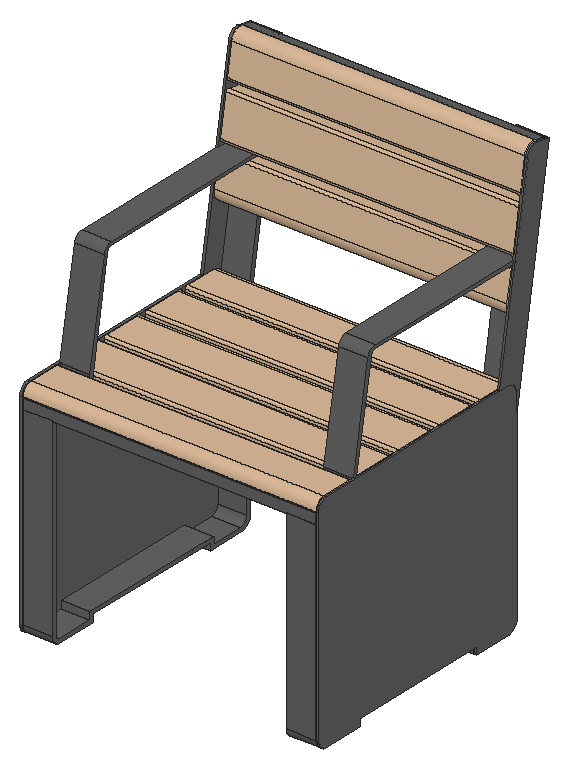
Revit family "1106-S-L", category Meble, Revit 2021
Family settings
  Numer OmniClass = 23.40.20.00
  Tytuł OmniClass = General Furniture and Specialties
  Oparty na płaszczyźnie roboczej = Nie
  Zawsze pionowo = Tak
  Tnij formami wycięć po wczytaniu = Nie
  Współdzielony = Nie
  Punkt obliczania pomieszczeń = Nie
Parameters (values of type "1106-S-L")
  wood = Mobilis Design Wood - Larch
  metal = Mobilis Design RAL 9004
  Width = "58 cm"
  Weight = "40 kg"
  URL = ""
  Seat height = "45 cm"
  Product line = "Centaurus"
  Product Groups = ""
  Manufacturer = ""
  Keynote = ""
  Description = ""
  Model = "1106-S-L"
  Material = ""
  Maintenance = ""
  Lenght = "60 cm"
  Type Comments = ""
  Mobilis Design Materials = ""
  Hosted on = ""
  Height = "86 cm"
  Domyślna rzędna = 0 mm
  Copyright = "All designs and drawings are the common intellectual property of Lars Laj A/S and Tress and are protected by Danish and international copyright laws."
Reference planes
  plane 1 "front": y = 0
  plane 2: z = 0
  plane 3 "Środek (Lewa/Prawa)": x = 0
Forms (mm)
  Extrusion 1, solid, material "Mobilis Design Wood - Larch" <- "wood"
    sketch origin (0, -344.601, 21.46) x (0, 1, 0) y (0, 0, 1)
      loop
        arc (260.118, 430.04) -> (256.583, 428.576) -> (255.118, 425.04) r 5
        line (255.118, 425.04) -> (255.118, 388.972)
        arc (255.118, 388.972) -> (255.693, 387.586) -> (257.078, 387.012) r 1.96
        line (257.078, 387.012) -> (342.493, 387.012)
        arc (342.493, 387.012) -> (343.908, 387.598) -> (344.493, 389.012) r 2
        line (344.493, 389.012) -> (344.493, 425.04)
        arc (344.493, 425.04) -> (343.029, 428.576) -> (339.493, 430.04) r 5
        line (339.493, 430.04) -> (260.118, 430.04)
    from -295.625 to 295.625
  Extrusion 2, solid, material "Mobilis Design Wood - Larch" <- "wood"
    sketch origin (0, -447.05, 21.46) x (0, 1, 0) y (0, 0, 1)
      loop
        arc (260.118, 430.04) -> (256.583, 428.576) -> (255.118, 425.04) r 5
        line (255.118, 425.04) -> (255.118, 388.972)
        arc (255.118, 388.972) -> (255.693, 387.586) -> (257.078, 387.012) r 1.96
        line (257.078, 387.012) -> (342.493, 387.012)
        arc (342.493, 387.012) -> (343.908, 387.598) -> (344.493, 389.012) r 2
        line (344.493, 389.012) -> (344.493, 425.04)
        arc (344.493, 425.04) -> (343.029, 428.576) -> (339.493, 430.04) r 5
        line (339.493, 430.04) -> (260.118, 430.04)
    from -295.625 to 295.625
  Extrusion 3, solid, material "Mobilis Design Wood - Larch" <- "wood"
    sketch origin (0, -242.05, 23.25) x (0, 1, 0) y (0, 0, 1)
      loop
        arc (260.118, 428.25) -> (256.583, 426.786) -> (255.118, 423.25) r 5
        line (255.118, 423.25) -> (255.118, 387.182)
        arc (255.118, 387.182) -> (255.693, 385.796) -> (257.078, 385.222) r 1.96
        line (257.078, 385.222) -> (342.493, 385.222)
        arc (342.493, 385.222) -> (343.908, 385.808) -> (344.493, 387.222) r 2
        line (344.493, 387.222) -> (344.493, 423.25)
        arc (344.493, 423.25) -> (343.029, 426.786) -> (339.493, 428.25) r 5
        line (339.493, 428.25) -> (260.118, 428.25)
    from -295.625 to 295.625
  Extrusion 4, solid, material "Mobilis Design Wood - Larch" <- "wood"
    sketch origin (0, 581.082, 348.398) x (0, 0.173648, 0.984808) y (0, -0.984808, 0.173648)
      loop
        arc (260.118, 429.703) -> (256.583, 428.239) -> (255.118, 424.703) r 5
        line (255.118, 424.703) -> (255.118, 388.972)
        arc (255.118, 388.972) -> (255.693, 387.586) -> (257.078, 387.012) r 1.96
        line (257.078, 387.012) -> (342.493, 387.012)
        arc (342.493, 387.012) -> (343.908, 387.598) -> (344.493, 389.012) r 2
        line (344.493, 389.012) -> (344.493, 424.703)
        arc (344.493, 424.703) -> (343.029, 428.239) -> (339.493, 429.703) r 5
        line (339.493, 429.703) -> (260.118, 429.703)
    from -295.625 to 295.625
  Extrusion 5, solid, material "Mobilis Design RAL 9004" <- "metal", not visible
    sketch origin (0, 0, 0) x (0, 1, 0) y (0, 0, 1)
      loop
        arc (71.187, 451.5) -> (57.045, 445.642) -> (51.187, 431.5) r 20
        line (51.187, 431.5) -> (51.187, 18.231)
        arc (51.187, 18.231) -> (56.527, 5.34) -> (69.418, 0) r 18.231
        line (69.418, 0) -> (153.638, 0) -> (153.638, 15) -> (448.638, 15) -> (448.638, 0) -> (527.023, 0)
        arc (527.023, 0) -> (542.307, 6.331) -> (548.638, 21.615) r 21.615
        line (548.638, 21.615) -> (548.638, 429.407)
        arc (548.638, 429.407) -> (542.168, 445.029) -> (526.545, 451.5) r 22.093
        line (526.545, 451.5) -> (71.187, 451.5)
    from 750.378 to 745
  Extrusion 6, solid, material "Mobilis Design RAL 9004" <- "metal", not visible
    sketch origin (0, 0, 0) x (0, 1, 0) y (0, 0, 1)
      loop
        line (548.638, 396.844) -> (629.375, 854.725) -> (601.836, 859.581)
        arc (601.836, 859.581) -> (585.224, 855.898) -> (576.082, 841.547) r 22.232
        line (576.082, 841.547) -> (507.306, 451.5) -> (526.545, 451.5)
        arc (526.545, 451.5) -> (542.168, 445.029) -> (548.638, 429.407) r 22.093
        line (548.638, 429.407) -> (548.638, 396.844)
    from 745 to 750.378
  Extrusion 7, solid, material "Mobilis Design RAL 9004" <- "metal"
    sketch origin (449.375, -344.57, 0) x (0, -1, 0) y (0, 0, 1)
      loop
        line (-71.187, 451.5) -> (-526.545, 451.5)
        arc (-526.545, 451.5) -> (-542.168, 445.029) -> (-548.638, 429.407) r 22.093
        line (-548.638, 429.407) -> (-548.638, 21.615)
        arc (-548.638, 21.615) -> (-542.307, 6.331) -> (-527.023, 0) r 21.615
        line (-527.023, 0) -> (-448.638, 0) -> (-448.638, 15) -> (-153.638, 15) -> (-153.638, 0) -> (-69.418, 0)
        arc (-69.418, 0) -> (-56.527, 5.34) -> (-51.187, 18.231) r 18.231
        line (-51.187, 18.231) -> (-51.187, 431.5)
        arc (-51.187, 431.5) -> (-57.045, 445.642) -> (-71.187, 451.5) r 20
    from 750.378 to 745
  Extrusion 8, solid, material "Mobilis Design RAL 9004" <- "metal"
    sketch origin (449.375, -344.57, 0) x (0, -1, 0) y (0, 0, 1)
      loop
        line (-548.638, 396.844) -> (-548.638, 429.407)
        arc (-548.638, 429.407) -> (-542.168, 445.029) -> (-526.545, 451.5) r 22.093
        line (-526.545, 451.5) -> (-507.306, 451.5) -> (-576.082, 841.547)
        arc (-576.082, 841.547) -> (-585.224, 855.898) -> (-601.836, 859.581) r 22.232
        line (-601.836, 859.581) -> (-629.375, 854.725) -> (-548.638, 396.844)
    from 745 to 750.378
  Extrusion 9, solid, material "Mobilis Design RAL 9004" <- "metal"
    sketch origin (0, -344.57, 0) x (0, 1, 0) y (0, 0, 1)
      loop
        line (548.638, 396.844) -> (629.375, 854.725) -> (621.989, 856.027) -> (543.073, 408.472) -> (51.187, 408.472) -> (51.187, 18.763)
        arc (51.187, 18.763) -> (56.683, 5.495) -> (69.95, 0) r 18.763
        line (69.95, 0) -> (153.638, 0) -> (153.638, 15) -> (448.638, 15) -> (448.638, 0) -> (525.342, 0)
        arc (525.342, 0) -> (541.815, 6.823) -> (548.638, 23.296) r 23.296
        line (548.638, 23.296) -> (548.638, 396.844)
      loop
        line (58.687, 400.262) -> (58.687, 18.763)
        arc (58.687, 18.763) -> (61.986, 10.799) -> (69.95, 7.5) r 11.263
        line (69.95, 7.5) -> (146.138, 7.5) -> (146.138, 22.5) -> (456.138, 22.5) -> (456.138, 7.5) -> (525.342, 7.5)
        arc (525.342, 7.5) -> (536.512, 12.127) -> (541.138, 23.296) r 15.796
        line (541.138, 23.296) -> (541.138, 400.262) -> (58.687, 400.262)
    from -295.625 to -235.625
  Extrusion 10, solid, material "Mobilis Design RAL 9004" <- "metal"
    sketch origin (0, -344.57, 0) x (0, 1, 0) y (0, 0, 1)
      loop
        line (578.693, 567.292) -> (629.375, 854.725) -> (621.989, 856.027) -> (571.307, 568.594) -> (578.693, 567.292)
      loop
        line (548.09, 408.472) -> (58.09, 408.472) -> (58.09, 400.262) -> (548.09, 400.262) -> (548.09, 408.472)
    from -238.345 to -298.116
  Extrusion 11, solid, material "Mobilis Design RAL 9004" <- "metal"
    sketch origin (-449.375, -344.57, 0) x (0, 1, 0) y (0, 0, 1)
      loop
        arc (71.187, 451.5) -> (57.045, 445.642) -> (51.187, 431.5) r 20
        line (51.187, 431.5) -> (51.187, 18.231)
        arc (51.187, 18.231) -> (56.527, 5.34) -> (69.418, 0) r 18.231
        line (69.418, 0) -> (153.638, 0) -> (153.638, 15) -> (448.638, 15) -> (448.638, 0) -> (527.023, 0)
        arc (527.023, 0) -> (542.307, 6.331) -> (548.638, 21.615) r 21.615
        line (548.638, 21.615) -> (548.638, 429.407)
        arc (548.638, 429.407) -> (542.168, 445.029) -> (526.545, 451.5) r 22.093
        line (526.545, 451.5) -> (71.187, 451.5)
    from 750.378 to 745
  Extrusion 12, solid, material "Mobilis Design RAL 9004" <- "metal"
    sketch origin (-449.375, -344.57, 0) x (0, 1, 0) y (0, 0, 1)
      loop
        line (548.638, 396.844) -> (629.375, 854.725) -> (601.836, 859.581)
        arc (601.836, 859.581) -> (585.224, 855.898) -> (576.082, 841.547) r 22.232
        line (576.082, 841.547) -> (507.306, 451.5) -> (526.545, 451.5)
        arc (526.545, 451.5) -> (542.168, 445.029) -> (548.638, 429.407) r 22.093
        line (548.638, 429.407) -> (548.638, 396.844)
    from 745 to 750.378
  Extrusion 13, solid, material "Mobilis Design RAL 9004" <- "metal"
    sketch origin (0, -344.57, 0) x (0, 1, 0) y (0, 0, -1)
      loop
        line (548.638, -396.844) -> (548.638, -23.296)
        arc (548.638, -23.296) -> (541.815, -6.823) -> (525.342, 0) r 23.296
        line (525.342, 0) -> (448.638, 0) -> (448.638, -15) -> (153.638, -15) -> (153.638, 0) -> (69.95, 0)
        arc (69.95, 0) -> (56.683, -5.495) -> (51.187, -18.763) r 18.763
        line (51.187, -18.763) -> (51.187, -408.472) -> (543.073, -408.472) -> (621.989, -856.027) -> (629.375, -854.725) -> (548.638, -396.844)
      loop
        line (58.687, -400.262) -> (541.138, -400.262) -> (541.138, -23.296)
        arc (541.138, -23.296) -> (536.512, -12.127) -> (525.342, -7.5) r 15.796
        line (525.342, -7.5) -> (456.138, -7.5) -> (456.138, -22.5) -> (146.138, -22.5) -> (146.138, -7.5) -> (69.95, -7.5)
        arc (69.95, -7.5) -> (61.986, -10.799) -> (58.687, -18.763) r 11.263
        line (58.687, -18.763) -> (58.687, -400.262)
    from -295.625 to -235.625
  Extrusion 14, solid, material "Mobilis Design RAL 9004" <- "metal"
    sketch origin (0, -344.57, 0) x (0, 1, 0) y (0, 0, -1)
      loop
        line (578.693, -567.292) -> (571.307, -568.594) -> (621.989, -856.027) -> (629.375, -854.725) -> (578.693, -567.292)
      loop
        line (548.09, -408.472) -> (548.09, -400.262) -> (58.09, -400.262) -> (58.09, -408.472) -> (548.09, -408.472)
    from -238.345 to -298.116
  Extrusion 15, solid, material "Mobilis Design RAL 9004" <- "metal"
    sketch origin (0, -344.57, 0) x (0, 1, 0) y (0, 0, 1)
      loop
        arc (201.286, 666.675) -> (188.672, 662.542) -> (181.888, 651.132) r 18.898
        line (181.888, 651.132) -> (145.796, 450) -> (145.796, 407) -> (151.796, 407) -> (151.888, 450) -> (187.77, 649.936)
        arc (187.77, 649.936) -> (192.655, 657.664) -> (201.286, 660.675) r 13.876
        line (201.286, 660.675) -> (590.359, 660.675) -> (591.375, 666.675) -> (201.286, 666.675)
    from 235.625 to 295.625
  Extrusion 16, solid, material "Mobilis Design RAL 9004" <- "metal"
    sketch origin (0, -344.57, 0) x (0, 1, 0) y (0, 0, -1)
      loop
        line (201.286, -666.675) -> (591.375, -666.675) -> (590.359, -660.675) -> (201.286, -660.675)
        arc (201.286, -660.675) -> (192.655, -657.664) -> (187.77, -649.936) r 13.876
        line (187.77, -649.936) -> (151.888, -450) -> (151.796, -407) -> (145.796, -407) -> (145.796, -450) -> (181.888, -651.132)
        arc (181.888, -651.132) -> (188.672, -662.542) -> (201.286, -666.675) r 18.898
    from 235.625 to 295.625
  Extrusion 17, solid, material "Mobilis Design Wood - Larch" <- "wood"
    sketch origin (0, -549.361, 21.978) x (0, 1, 0) y (0, 0, 1)
      loop
        arc (275.801, 429.522) -> (261.616, 423.646) -> (255.74, 409.461) r 20.061
        line (255.74, 409.461) -> (255.74, 407.796) -> (259.646, 407.796) -> (259.646, 390.48) -> (277.569, 390.48) -> (277.569, 386.494) -> (343.118, 386.494)
        arc (343.118, 386.494) -> (344.532, 387.079) -> (345.117, 388.493) r 1.999
        line (345.117, 388.493) -> (345.117, 424.524)
        arc (345.117, 424.524) -> (343.653, 428.058) -> (340.119, 429.522) r 4.998
        line (340.119, 429.522) -> (275.801, 429.522)
    from -295.625 to 295.625
  Extrusion 18, solid, material "Mobilis Design RAL 9004" <- "metal"
    sketch origin (0, 166.824, 1362.577) x (0, -0.983564, -0.180562) y (0, 0.180562, -0.983564)
      loop
        line (624.848, 855.34) -> (604.706, 859.038) -> (604.188, 856.211) -> (621.46, 853.027) -> (618.262, 834.892) -> (620.986, 834.39) -> (624.848, 855.34)
    from -295.625 to 295.625
  Extrusion 19, solid, material "Mobilis Design Wood - Larch" <- "wood"
    sketch origin (0, 599.008, 451.03) x (0, 0.173648, 0.984808) y (0, -0.984808, 0.173648)
      loop
        arc (260.118, 430.036) -> (256.583, 428.571) -> (255.118, 425.036) r 5
        line (255.118, 425.036) -> (255.118, 389.305)
        arc (255.118, 389.305) -> (255.693, 387.919) -> (257.078, 387.345) r 1.96
        line (257.078, 387.345) -> (340.844, 387.345) -> (341.15, 404.888) -> (343.753, 404.888)
        arc (343.753, 404.888) -> (338.433, 422.457) -> (321.714, 430.036) r 22.231
        line (321.714, 430.036) -> (260.118, 430.036)
    from -295.625 to 295.625
  Extrusion 20, solid, material "Mobilis Design RAL 9004" <- "metal"
    sketch origin (0, -344.716, 0.985) x (0, 1, 0) y (0, 0, 1)
      loop
        line (624.848, 855.34) -> (604.709, 859.052) -> (604.207, 856.208) -> (621.46, 853.027) -> (618.538, 836.456) -> (621.274, 835.952) -> (624.848, 855.34)
    from -295.625 to 295.625
  Extrusion 21, solid, material "Mobilis Design Wood - Larch" <- "wood"
    sketch origin (0, 666.87, 836.836) x (0, -0.173648, -0.984808) y (0, 0.984808, -0.173648)
      loop
        line (260.118, -430.036) -> (321.714, -430.036)
        arc (321.714, -430.036) -> (338.433, -422.457) -> (343.753, -404.888) r 22.231
        line (343.753, -404.888) -> (341.15, -404.888) -> (340.844, -387.345) -> (257.078, -387.345)
        arc (257.078, -387.345) -> (255.693, -387.919) -> (255.118, -389.305) r 1.96
        line (255.118, -389.305) -> (255.118, -425.036)
        arc (255.118, -425.036) -> (256.583, -428.571) -> (260.118, -430.036) r 5
    from -295.625 to 295.625
  Extrusion 22, solid, material "Mobilis Design RAL 9004" <- "metal"
    sketch origin (0, -66.016, 1582.513) x (0, 0.939693, -0.34202) y (0, 0.34202, 0.939693)
      loop
        line (624.848, -855.34) -> (621.274, -835.952) -> (618.538, -836.456) -> (621.46, -853.027) -> (604.207, -856.208) -> (604.709, -859.052) -> (624.848, -855.34)
    from -295.625 to 295.625
  Extrusion 23, solid, material "Mobilis Design Wood - Larch" <- "wood"
    sketch origin (0, 460.032, 21.573) x (0, -1, 0) y (0, 0, -1)
      loop
        line (275.801, -429.927) -> (340.119, -429.927)
        arc (340.119, -429.927) -> (343.653, -428.463) -> (345.117, -424.929) r 4.998
        line (345.117, -424.929) -> (345.117, -389.012)
        arc (345.117, -389.012) -> (344.532, -387.598) -> (343.118, -387.013) r 1.999
        line (343.118, -387.013) -> (277.569, -387.013) -> (277.569, -390.48) -> (259.646, -390.48) -> (259.646, -407.796) -> (255.74, -407.796) -> (255.74, -409.865)
        arc (255.74, -409.865) -> (261.616, -424.051) -> (275.801, -429.927) r 20.061
    from -295.625 to 295.625
  Extrusion 24, solid, material "Mobilis Design RAL 9004" <- "metal"
    sketch origin (0, -256.154, 1362.535) x (0, 0.983564, -0.180562) y (0, 0.180562, 0.983564)
      loop
        line (624.848, -855.34) -> (621.052, -834.746) -> (618.325, -835.249) -> (621.46, -853.027) -> (604.207, -856.208) -> (604.709, -859.052) -> (624.848, -855.34)
    from -295.625 to 295.625
Lines and regions (mm)
  model lines, style "9"
    curve 1: line (-315.53, -352.467, 0) -> (-315.53, -346.467, 0)
    curve 2: line (-315.53, -652.467, 0) -> (-315.53, -658.467, 0)
    curve 3: line (328.514, 107.976, 0) -> (328.514, 113.976, 0)
    curve 4: line (328.514, -192.024, 0) -> (328.514, -198.024, 0)
Dimensions and locks
  Extrusion 1 sketch curve to Extrusion 1 sketch curve = 89.375 mm
  Extrusion 1 sketch curve to Extrusion 1 sketch curve = 43.028 mm
  Extrusion 2 sketch curve to Extrusion 2 sketch curve = 89.375 mm
  Extrusion 2 sketch curve to Extrusion 2 sketch curve = 43.028 mm
  Extrusion 3 sketch curve to Extrusion 3 sketch curve = 89.375 mm
  Extrusion 3 sketch curve to Extrusion 3 sketch curve = 43.028 mm
  Extrusion 4 sketch curve to Extrusion 4 sketch curve = 89.375 mm
  Extrusion 4 sketch curve to Extrusion 4 sketch curve = 42.691 mm
  Extrusion 17 sketch curve to Extrusion 17 sketch curve = 43.028 mm
  Extrusion 19 sketch curve to Extrusion 19 sketch curve = 42.691 mm
  Extrusion 21 sketch curve to Extrusion 21 sketch curve = 42.691 mm
  Extrusion 23 sketch curve to Extrusion 23 sketch curve = 42.914 mm
  aligned and locked: level to plane 2
  aligned and locked: Extrusion 7 to Extrusion 8
  aligned and locked: Extrusion 11 to Extrusion 12
